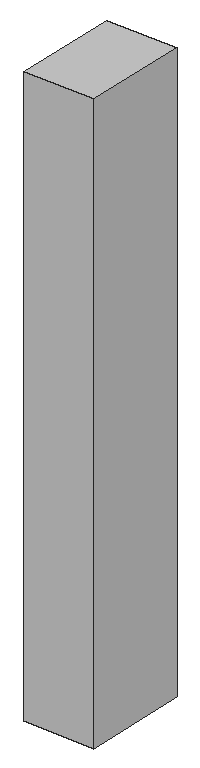
Revit family "M_Concreto-Retangular-Coluna", category Pilares estruturais, Revit 2019
Family settings
  Exibir em vistas ocultas = Arestas ocultadas por outros membros
  Forma do corte = Não definido
  Material para o comportamento do modelo = Concreto
  Exportar sempre como geometria = Não
  Redução da viga na planta = Da caixa de vinculação
  Número OmniClass = 23.25.30.11.14.11
  Título OmniClass = Columns
  ID de item do Seek = Concrete-Rectangular-Column-0000-CAN-ENU
  Corte com vazios quando carregada = Não
  Representação simbólica = Da família
  Compartilhado = Não
  Exibir o pré-corte da família na vista da planta = Sim
Parameters (values of type "300 x 450mm")
  b = 300 mm
  h = 450 mm
  Structural Material [instance] = Concreto, Moldado no local - Cinza
Types (4, lengths in mm): name | b | h
  (no name) | 300 | 450
  300 x 450mm | 300 | 450
  450 x 600mm | 450 | 600
  600 x 750mm | 600 | 750
Reference planes
  plane 1 "Centro (Frente/Trás)": y = 0
  plane 2: z = 0
  plane 3 "Centro (Esquerda/Direita)": x = 0
  plane 4: x = -150
  plane 5: x = 150
  plane 6: y = 225
  plane 7: y = -225
Forms (mm)
  Extrusion 1, solid, material "Concreto, Moldado no local - Cinza" <- "Structural Material"
    sketch origin (0, 0, 0) x (1, 0, 0) y (0, 1, 0)
      loop
        line (-150, 225) -> (-150, -225) -> (150, -225) -> (150, 225) -> (-150, 225)
    from 0 to 2500
Dimensions and locks
  equal spacing: plane 4, plane 3 "Centro (Esquerda/Direita)", plane 5
  equal spacing: plane 7, plane 1 "Centro (Frente/Trás)", plane 6
  "h": plane 7 to plane 6
  "b": plane 4 to plane 5
  aligned and locked: plane 6 to Extrusion 1 sketch curve
  aligned and locked: Extrusion 1 sketch curve to plane 7
  aligned and locked: Extrusion 1 sketch curve to plane 4
  aligned and locked: plane 5 to Extrusion 1 sketch curve
  aligned and locked: level to Extrusion 1
  aligned and locked: level to plane 2
  aligned and locked: Extrusion 1 to plane 2
